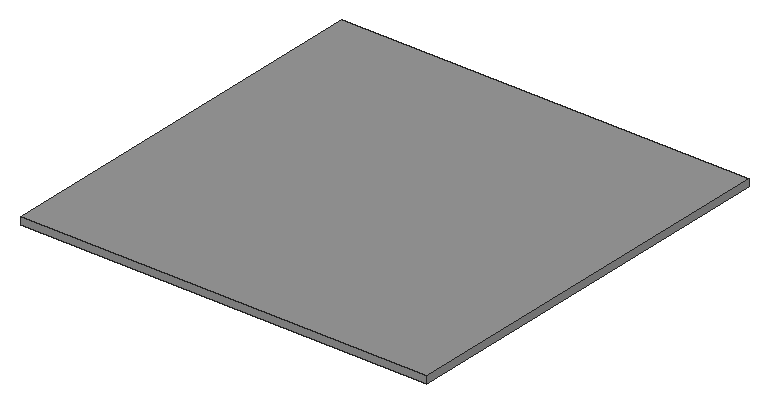
Revit family "ROTHOB_Rothoblaas_Membrane_BarrierAluNetAdhesive300", category Structural Connections, host Face, Revit 2020
Family settings
  Host = Face
  Material for Model Behavior = Other
  OmniClass Number = 23.13.25.25
  OmniClass Title = Air Barriers
  Enable cutting in views = Yes
  Cut with Voids When Loaded = No
  Shared = No
Parameters (values of type "BARRIER ALU NET ADHESIVE 300")
  WaterVapourTransmition_Sd = "4000 m"  # constant formula
  WarrantyStartDate [instance] = ""
  WarrantyGuarantorParts = "n/a"  # constant formula
  WarrantyGuarantorLabor = "n/a"  # constant formula
  WarrantyDurationUnit = "n/a"  # constant formula
  WarrantyDurationParts = "n/a"  # constant formula
  WarrantyDurationLabor = "n/a"  # constant formula
  WarrantyDescription = "n/a"  # constant formula
  Version = "1"  # constant formula
  UniClass2015Version = "Products v1.33"  # constant formula
  UniClass2015Title = "Polyethylene sheets"  # constant formula
  UniClass2015Code = "Pr_25_57_65_63"  # constant formula
  Tipo IFC predefinito = "USERDEFINED"  # constant formula
  SustainabilityPerformance = "n/a"  # constant formula
  Size = "n/a"  # constant formula
  Shape = "Bidimensional"  # constant formula
  Revision = "n/a"  # constant formula
  ReplacementCost = "n/a"  # constant formula
  ReactionFire = "class B-s1, d0"  # constant formula
  RadonDiffusionLength_l = "< 0,000041 m"  # constant formula
  RadonDiffusionCoefficient_D = "< 3,5 e-15 m2/s"  # constant formula
  ObjectMaterial = ROTHOB_Rothoblaas_Aluminium_Polyethylene
  NominalWidth = "n/a"  # constant formula
  NominalHeight = "n/a"  # constant formula
  MassUnitArea = "300 g/m2"  # constant formula
  Default Elevation = 1.2192 m
  ProductInformation = "https://www.rothoblaas.com/products/airtightness-and-waterproofing/self-adhesive-membranes/barrier-alu-net-adhesive-300#Barrier%20Alu%20Net%20Adhesive%20300"  # constant formula
  OmniClassVersion = "2012-05-16"  # constant formula
  OmniClassTitle = "Air Barriers"  # constant formula
  OmniClassCode = "23.13.25.25"  # constant formula
  NominalLength = "n/a"  # constant formula
  InstallationDate [instance] = ""
  Height_H [instance] = 0.059329 m
  Name = "Membrane"  # constant formula
  ModelReference = "n/a"  # constant formula
  ModelNumber = "n/a"  # constant formula
  ModelDisclaimer = "The latest version of the data sheets can be found on our website"  # constant formula
  Material = "Aluminium and polyethylene"  # constant formula
  ManufacturerURL = "www.rothoblaas.com"  # constant formula
  ManufacturerName = "ROTHO BLAAS SRL"  # constant formula
  Manufacturer = "info@rothoblaas.com"  # constant formula
  IfcExportType = "USERDEFINED"  # constant formula
  IfcExportAs = "IfcCoveringType.MEMBRANE"  # constant formula
  Length_L [instance] = 0.06002 m
  Grade = "n/a"  # constant formula
  Finish = "Aluminium film with PET film protection"  # constant formula
  Features = "Flexible sheets for waterproofing - Plastic and rubber vapour control layers"  # constant formula
  ExpectedLife = "n/a"  # constant formula
  Esporta tipo in formato IFC con nome = "IfcCoveringType.MEMBRANE"  # constant formula
  DurationUnit = "Years"  # constant formula
  Description = "Self-adhesive reflective vapour barrier"  # constant formula
  Constituents = "n/a"  # constant formula
  Color = "Grey"  # constant formula
  CodePerformance = "CE - Construction products"  # constant formula
  Category = "Pr_25_57_65_63 - Polyethylene sheets"  # constant formula
  CETitle = "n/a"  # constant formula
  CECode = "EN 13984"  # constant formula
  BIMObjectName = "ROTHOB_Rothoblaas_Membrane_BarrierAluNetAdhesive300"  # constant formula
  Author = "Vitor Ferronato"  # constant formula
  AssetType = "n/a"  # constant formula
  AccessibilityPerformance = "n/a"  # constant formula
Reference planes (m)
  plane 1 "Centro (Fronte/Retro)": y = 0
  plane 2: z = 0
  plane 3 "Centro (Sinistra/Destra)": x = 0
  plane 4: y = 0.029664
  plane 5: y = -0.029664
  plane 6: x = -0.03001
  plane 7: x = 0.03001
Forms (m)
  Extrusion 1, solid, material "ROTHOB_Rothoblaas_Aluminium_Polyethylene" <- "ObjectMaterial"
    sketch origin (0, 0, 0) x (1, 0, 0) y (0, 1, 0)
      loop
        line (-0.03001, 0.029664) -> (-0.03001, -0.029664) -> (0.03001, -0.029664) -> (0.03001, 0.029664) -> (-0.03001, 0.029664)
    from 0 to 0.001
Dimensions and locks (m)
  equal spacing: host sketch curve, plane 3 "Centro (Sinistra/Destra)", host sketch curve
  host sketch curve to host sketch curve = 0.065796 m
  equal spacing: host sketch curve, plane 1 "Centro (Fronte/Retro)", host sketch curve
  host sketch curve to host sketch curve = 0.06638 m
  equal spacing: plane 6, plane 3 "Centro (Sinistra/Destra)", plane 7
  "Length_L": plane 6 to plane 7
  equal spacing: plane 4, plane 1 "Centro (Fronte/Retro)", plane 5
  "Height_H": plane 4 to plane 5
  aligned and locked: plane 2 to host face
  aligned and locked: level to host face
  aligned and locked: Extrusion 1 sketch curve to plane 4
  aligned and locked: Extrusion 1 sketch curve to plane 5
  aligned and locked: plane 6 to Extrusion 1 sketch curve
  aligned and locked: plane 7 to Extrusion 1 sketch curve
